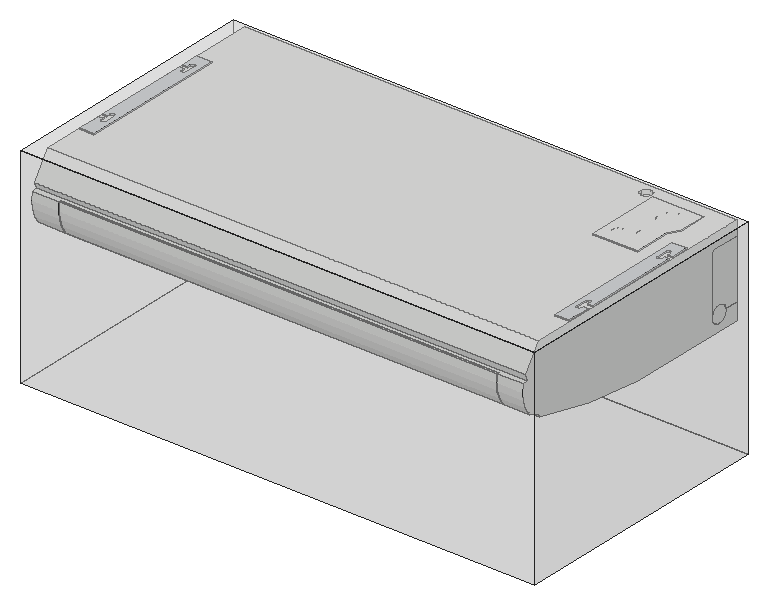
Revit family "outputfile", category 機械設備, Revit 2024
Family settings
  丸型コネクタ寸法 = 半径を使用
  パーツ タイプ = 標準
  OmniClass 番号 = 23.75.10.24.21.27.27
  OmniClass タイトル = Split System Air Conditioning Units
  作業面ベース = いいえ
  常に垂直 = はい
  ロード時にボイドで切り取り = いいえ
  注釈の向きを維持 = いいえ
  共有 = いいえ
  部屋計算ポイント = はい
Parameters (values of type "FHA30CV2S")
  Description = ""
  製造元 = "Daikin"
  書き出し IFC クラス(タイプ) = "IfcUnitaryEquipmentType"
  定義済み IFC タイプ(タイプ) = "AIRCONDITIONINGUNIT"
  Cost = 0
  モデル = "FHA30CV2S"
  Type Comments = ""
  Keynote = ""
  Type Image = (empty or 0)
  Assembly Code = ""
  switch_frequency = yes
  r_Liquid Pipe Size = Liquid Pipe Size / 2  # 4.75 mm
  r_Gas Pipe Size = Gas Pipe Size / 2  # 7.95 mm
  r_Drain Pipe Size = Drain Pipe Size / 2  # 10.0 mm
  l_powersupply [instance] = if(Rear Right Connection_powersupply, 29.0 mm, 175.0 mm)  # 29.0 mm
  h_mountinghole = 2.0 mm  # constant formula
  connector_voltage = Voltage_50Hz  # 220 V
  connector_powerinput = [Power Input (Cooling)]  # 0.000 kW
  connector_phase = Phase_50Hz  # 1
  angle_vertical_powersupply [instance] = if(Rear Right Connection_powersupply, 90.00°, 180.00°)  # 90.00°
  angle_vertical_drainpipe [instance] = if(or(Left Connection_drainpipe, Right Connection_drainpipe), 90.00°, if(Top Connection_drainpipe, 180.00°, -90.00°))  # -90.00°
  angle_horizontal_powersupply [instance] = if(Rear Right Connection_powersupply, 180.00°, 0.00°)  # 180.00°
  angle_horizontal_drainpipe [instance] = if(Right Connection_drainpipe, 90.00°, if(Left Connection_drainpipe, -90.00°, 0.00°))  # 0.00°
  Voltage_comment_50Hz = "220 - 240"
  Voltage_50Hz = 220 V
  URL = ""
  Top Connection_refrigerant [instance] = no
  Top Connection_powersupply [instance] = not(Rear Right Connection_powersupply)  # no
  Right Connection_refrigerant [instance] = no
  Rear Right Connection_refrigerant [instance] = yes
  Phase_50Hz = 1
  Minimum Circuit Amps_50Hz = 0.0 A
  Maximum Fuse Amps_50Hz = 0.0 A
  Material_Casing = DAIKIN_White_Casing_indoorunit
  lw_powersupply [instance] = if(Rear Right Connection_powersupply, 220.0 mm, 210.0 mm)  # 220.0 mm
  lw_mountinghole_pitch = Width - 40.0 mm  # 1230.0 mm
  lw_mountinghole = 20.0 mm  # constant formula
  lw_liquidpipe [instance] = if(Right Connection_refrigerant, 156.0 mm, if(Top Connection_refrigerant, 156.0 mm, 136.0 mm))  # 136.0 mm
  lw_gaspipe = 105.0 mm  # constant formula
  lw_drainpipe [instance] = if(Top Connection_drainpipe, 102.0 mm, if(Width = 960.0 mm, if(or(Left Connection_drainpipe, Rear Left Connection_drainpipe), 884.0 mm, 83.0 mm), if(Width = 1270.0 mm, if(or(Left Connection_drainpipe, Rear Left Connection_drainpipe), 1194.0 mm, 83.0 mm), if(Width = 1590.0 mm, if(or(Left Connection_drainpipe, Rear Left Connection_drainpipe), 1514.0 mm, 83.0 mm), 83.0 mm))))  # 83.0 mm
  lh_powersupply = 175.0 mm  # constant formula
  lh_liquidpipe [instance] = if(Rear Right Connection_refrigerant, 160.0 mm, 131.0 mm)  # 160.0 mm
  lh_gaspipe [instance] = if(Rear Right Connection_refrigerant, 150.0 mm, 91.0 mm)  # 150.0 mm
  lh_drainpipe = 197.0 mm  # constant formula
  l_antena = 1.0 mm  # constant formula
  ld_powersupply = 30.0 mm  # constant formula
  ld_mountinghole_pitch = 260.0 mm  # constant formula
  ld_mountinghole = 210.0 mm  # constant formula
  ld_liquidpipe [instance] = if(Right Connection_refrigerant, 57.0 mm, if(Top Connection_refrigerant, 189.0 mm, 221.0 mm))  # 221.0 mm
  ld_gaspipe [instance] = if(Right Connection_refrigerant, 57.0 mm, if(Top Connection_refrigerant, 163.0 mm, 214.0 mm))  # 214.0 mm
  ld_drainpipe [instance] = if(or(Left Connection_drainpipe, Right Connection_drainpipe), 57.0 mm, if(Top Connection_drainpipe, 87.0 mm, 268.0 mm))  # 268.0 mm
  l_liquidpipe_length [instance] = if(Right Connection_refrigerant, 156.0 mm, if(Top Connection_refrigerant, 131.0 mm, 220.0 mm))  # 220.0 mm
  l_gaspipe_length [instance] = if(Right Connection_refrigerant, 105.0 mm, if(Top Connection_refrigerant, 91.0 mm, 213.0 mm))  # 213.0 mm
  l_drainpipe_length [instance] = if(Right Connection_drainpipe, 83.0 mm, if(Top Connection_drainpipe, 197.0 mm, if(Left Connection_drainpipe, 76.0 mm, 267.0 mm)))  # 267.0 mm
  h*** = 0.0 mm  # constant formula
  angle_vertical [instance] = if(Right Connection_refrigerant, 90.00°, if(Top Connection_refrigerant, 180.00°, -90.00°))  # -90.00°
  angle_horizontal [instance] = if(Right Connection_refrigerant, 90.00°, 0.00°)  # 0.00°
  Width = 1270.0 mm
  Version = "ver.1.0"
  Unit Type = "Ceiling"
  Unit Mass Weight = 32.00 kg
  Unit Designation [instance] = ""
  Uniclass2015Version = "Products v1.30"
  Uniclass2015Title = "Split coil room air conditioning units"
  Uniclass2015Code = "Pr_70_65_03_86"
  Total Cooling Capacity [instance] = 0.000 kW
  Top Connection_drainpipe [instance] = no
  Sound Pressure Level_M speed (dBA) = 36
  Sound Pressure Level_L speed (dBA) = 34
  Sound Pressure Level_H speed (dBA) = 38
  Series = "SkyAir_Fan Coil Unit"
  Sensible Cooling Capacity [instance] = 0.000 kW
  Rear Right Connection_drainpipe [instance] = yes
  Rear Right Connection_powersupply [instance] = yes
  Right Connection_drainpipe [instance] = no
  Refrigerant Type = "R32"
  Power Input (Cooling) = 0.000 kW
  Option Accessory 3 [instance] = ""
  Option Accessory 2 [instance] = ""
  Option Accessory 1 [instance] = ""
  Nominal Cooling Capacity = 8.800 kW
  Minimum Airflow = 840.00 m³/h
  Median Airflow = 1020.00 m³/h
  Maximum Airflow = 1230.00 m³/h
  Load Classification = HVAC
  Liquid Pipe Size = 9.5 mm
  Link_Nested Family [instance] = ""
  Rear Left Connection_drainpipe [instance] = no
  Left Connection_drainpipe [instance] = no
  IfcVersion = ""
  IfcExportType = "AIRCONDITIONINGUNIT"
  IfcExportAs = "IfcUnitaryEquipmentType"
  Height = 235.0 mm
  Heat Exchanger Type = "Cross Fin Coil"
  Gas Pipe Size = 15.9 mm
  Frequency_50Hz = 50 Hz
  Fan Type = "Sirocco Fan"
  Fan Drive = "Direct Drive"
  FCU Tag No. [instance] = ""
  Drain Pipe Size = 20.0 mm
  Design Supply Airflow [instance] = 0.00 m³/h
  Design Outdoor Airflow [instance] = 0.00 m³/h
  Depth = 690.0 mm
  既定の高さ = 0.0 mm
  Cooling Entering Wet Bulb Temperature [instance] = 0.00 °C
  Cooling Entering Dry Bulb Temperature [instance] = 0.00 °C
  Cooling Ambient Wet Bulb Temperature [instance] = 0.00 °C
  Cooling Ambient Dry Bulb Temperature [instance] = 0.00 °C
  Clearance visibility [instance] = yes
  Clearance Top = 5.0 mm
  Clearance Right = 30.0 mm
  Clearance Rear = 0.0 mm
  Clearance Left = 30.0 mm
  Clearance Front = 0.0 mm
  Clearance Bottom = 300.0 mm
Reference planes
  plane 1 "Back": y = 0
  plane 2: z = 0
  plane 3 "Center (Left/Right)": x = 0
  plane 4 "Center (Front/Back)": y = -1
  plane 5 "Front": y = -690
  plane 6 "Left": x = -635
  plane 7 "Right": x = 635
  plane 8 "Top": z = 0
  plane 9 "Bottom": z = -235
  plane 10: y = -690
  plane 11: x = -665
  plane 12: x = 665
  plane 13: z = 5
  plane 14: z = -535
  plane 15: y = 0
  plane 16 "lw_mountinghole": x = -615
  plane 17 "lw_mountinghole2": x = 615
  plane 18 "ld_mountinghole": y = -210
  plane 19 "ld_mountinghole2": y = -470
  plane 20 "lw_gaspipe": x = 530
  plane 21 "ld_gaspipe": y = -214
  plane 22 "lh_gaspipe": z = -150
  plane 23 "lw_liquidpipe": x = 499
  plane 24 "ld_liquidpipe": y = -221
  plane 25 "lh_liquidpipe": z = -160
  plane 26 "ld_drainpipe": y = -268
  plane 27 "lw_drainpipe": x = 552
  plane 28 "lh_drainpipe": z = -197
  plane 29 "lw_powersupply": x = 415
  plane 30 "lh_powersupply": z = -175
  plane 31 "ld_powersupply": y = -30
  plane 32: x = -565.5
  plane 33: x = 565.5
  plane 34: x = -590
  plane 35: x = 590
  plane 36: x = -2
  plane 37: x = 2
Forms (mm)
  Extrusion 1, solid, material "DAIKIN_White_Casing_indoorunit" <- "Material_Casing"
    sketch origin (0, 0, 0) x (0, 1, 0) y (0, 0, 1)
      loop
        line (-639.277, 0) -> (-680.876, -61.699) -> (-675.026, -77.772)
        arc (-675.026, -77.772) -> (-681.815, -78.743) -> (-688.601, -79.732) r 2634.132
        arc (-688.601, -79.732) -> (-687.018, -121.096) -> (-669.159, -158.439) r 102.2
        line (-669.159, -158.439) -> (-639.858, -169.325) -> (-635.895, -178.261)
        arc (-635.895, -178.261) -> (-479.121, -215.759) -> (-319.077, -235) r 1400.997
        line (-319.077, -235) -> (-1, -235) -> (-1, 0) -> (-639.277, 0)
    from -635 to 635
  Extrusion 2, solid, material "DAIKIN_White_Casing_indoorunit" <- "Material_Casing"
    sketch origin (0, 0, 0) x (0, 1, 0) y (0, 0, 1)
      loop
        arc (-688.601, -79.732) -> (-687.018, -121.096) -> (-669.159, -158.439) r 102.2
        line (-669.159, -158.439) -> (-665.589, -154.869)
        arc (-665.589, -154.869) -> (-682.432, -118.783) -> (-683.39, -78.971) r 97.2
        arc (-683.39, -78.971) -> (-685.996, -79.351) -> (-688.601, -79.732) r 2634.132
    from -565.5 to 565.5
  Extrusion 3, void
    sketch origin (0, 0, 0) x (0, 1, 0) y (0, 0, 1)
      loop
        line (-301.098, -235) -> (-21.098, -235) -> (-21.098, -230) -> (-301.098, -230) -> (-301.098, -235)
    from -590 to 590
  Extrusion 4, solid, material "DAIKIN_White_Grille_indoorunit"
    sketch origin (0, 0, 0) x (0, 1, 0) y (0, 0, 1)
      loop
        line (-20.098, -230) -> (-301.098, -230) -> (-301.098, -235) -> (-20.098, -235) -> (-20.098, -230)
    from -590 to -2
  Extrusion 5, solid, material "DAIKIN_White_Casing_indoorunit" <- "Material_Casing"
    sketch origin (0, 0, 0) x (1, 0, 0) y (0, 0, 1)
      loop
        line (442, -63) -> (442, -178) -> (513, -220) -> (576, -220) -> (576, -63) -> (442, -63)
    from 0 to 1
  Extrusion 6, solid, material "DAIKIN_White_Casing_indoorunit" <- "Material_Casing"
    sketch origin (0, 0, 0) x (-1, 0, 0) y (0, -1, 0)
      loop
        line (-447, 35) -> (-447, 230) -> (-563, 230) -> (-563, 135) -> (-578, 105) -> (-578, 35) -> (-447, 35)
    from 0 to 1.9
  Extrusion 7, void
    sketch origin (635, 0, 0) x (0, 1, 0) y (0, 0, 1)
      loop
        arc (-79.5, -195) -> (-55.446, -217.446) -> (-34.715, -191.9) r 22.5
        line (-34.715, -191.9) -> (-1, -191.9) -> (-1, -190.1) -> (-35.04, -190.1)
        arc (-35.04, -190.1) -> (-54.942, -172.594) -> (-77.7, -186.182) r 22.5
        line (-77.7, -186.182) -> (-77.7, -43)
        arc (-77.7, -43) -> (-76.528, -40.172) -> (-73.7, -39) r 4
        line (-73.7, -39) -> (-1, -39) -> (-1, -37.2) -> (-73.7, -37.2)
        arc (-73.7, -37.2) -> (-77.801, -38.899) -> (-79.5, -43) r 5.8
        line (-79.5, -43) -> (-79.5, -195)
      loop
        circle (-57, -195) r 20.7
    from 0 to -10
  Extrusion 8, void
    sketch origin (-1444.026, -1, 1200) x (1, 0, 0) y (0, 0, 1)
      loop
        arc (875.026, -1375) -> (864.42, -1379.393) -> (860.026, -1390) r 15
        line (860.026, -1390) -> (860.026, -1400)
        arc (860.026, -1400) -> (864.42, -1410.607) -> (875.026, -1415) r 15
        line (875.026, -1415) -> (905.026, -1415)
        arc (905.026, -1415) -> (915.633, -1410.607) -> (920.026, -1400) r 15
        line (920.026, -1400) -> (920.026, -1390)
        arc (920.026, -1390) -> (915.633, -1379.393) -> (905.026, -1375) r 15
        line (905.026, -1375) -> (875.026, -1375)
    from 0 to 10
  Extrusion 9, void
    sketch origin (-635, 0, 0) x (0, 1, 0) y (0, 0, 1)
      loop
        circle (-57, -197) r 22.5
    from 0 to 10
  Extrusion 10, void
    sketch origin (-1444.026, -1, 1200) x (1, 0, 0) y (0, 0, 1)
      loop
        circle (1976.026, -1375) r 44
    from 0 to 10
  Extrusion 11, void
    sketch origin (0, 0, 0) x (-1, 0, 0) y (0, -1, 0)
      loop
        circle (-533, 87) r 30
    from 0 to -10
  Extrusion 12, void
    sketch origin (0, 0, 0) x (-1, 0, 0) y (0, -1, 0)
      loop
        circle (-530, 163) r 18
    from 0 to -10
  Extrusion 13, void
    sketch origin (0, 0, 0) x (-1, 0, 0) y (0, -1, 0)
      loop
        circle (-479, 189) r 13
    from 0 to -10
  Extrusion 14, void
    sketch origin (-1444.026, -1, 1200) x (1, 0, 0) y (0, 0, 1)
      loop
        circle (1859.026, -1375) r 14.5
    from 0 to 10
  Extrusion 15, void
    sketch origin (0, 0, 0) x (-1, 0, 0) y (0, -1, 0)
      loop
        circle (-425, 30) r 14.5
    from 0 to -10
  Extrusion 16, void
    sketch origin (635, 0, 0) x (0, 1, 0) y (0, 0, 1)
      loop
        arc (-665.589, -154.869) -> (-682.432, -118.783) -> (-683.39, -78.971) r 97.2
        arc (-683.39, -78.971) -> (-685.996, -79.351) -> (-688.601, -79.732) r 2634.132
        arc (-688.601, -79.732) -> (-687.018, -121.096) -> (-669.159, -158.439) r 102.2
        line (-669.159, -158.439) -> (-665.589, -154.869)
    from -69.5 to -1200.5
  Extrusion 17, solid, material "DAIKIN_White_Casing_indoorunit" <- "Material_Casing"
    sketch origin (-635, 0, 0) x (0, 1, 0) y (0, 0, 1)
      loop
        circle (-57, -197) r 22.5
    from 0 to 10
  Extrusion 18, solid, material "DAIKIN_White_Grille_indoorunit"
    sketch origin (780, 0, 0) x (0, 1, 0) y (0, 0, 1)
      loop
        line (-20.098, -230) -> (-301.098, -230) -> (-301.098, -235) -> (-20.098, -235) -> (-20.098, -230)
    from -782 to -778
  Extrusion 19, solid, material "DAIKIN_White_Grille_indoorunit"
    sketch origin (0, 0, 0) x (0, 1, 0) y (0, 0, -1)
      loop
        line (-20.098, 230) -> (-20.098, 235) -> (-301.098, 235) -> (-301.098, 230) -> (-20.098, 230)
    from -590 to -2
Cuts and joins
  Extrusion 3, Extrusion 7, Extrusion 8, Extrusion 9, Extrusion 10, Extrusion 11, Extrusion 12, Extrusion 13, Extrusion 14, Extrusion 15, Extrusion 16 cuts Extrusion 1
Lines and regions (mm)
  reference lines
    curve 1: line (635, -580.282, -192.75) -> (635, -551.225, -200.21)
Dimensions and locks
  equal spacing: plane 6 "Left", plane 3 "Center (Left/Right)", plane 7 "Right"
  "Width": plane 6 "Left" to plane 7 "Right"
  "Depth": plane 5 "Front" to plane 1 "Back"
  "Height": plane 8 "Top" to plane 9 "Bottom"
  "Clearance Front": plane 10 to plane 5 "Front"
  "Clearance Left": plane 11 to plane 6 "Left"
  "Clearance Right": plane 7 "Right" to plane 12
  "Clearance Top": plane 13 to plane 8 "Top"
  "Clearance Bottom": plane 9 "Bottom" to plane 14
  "Clearance Rear": plane 1 "Back" to plane 15
  locked: plane 4 "Center (Front/Back)" to plane 1 "Back" at 1
  locked: Extrusion 1 sketch curve to Extrusion 1 sketch curve at 235
  locked: Extrusion 1 sketch curve to Extrusion 1 sketch curve at 318.077
  locked: Extrusion 1 sketch curve to Extrusion 1 sketch curve at 1163.297
  locked: Extrusion 1 sketch curve to Extrusion 1 sketch curve at 231.144
  Extrusion 3 sketch curve to Extrusion 3 sketch curve to plane 1 "Back" = 280.0 mm locked, 21.098 mm locked
  "ld_mountinghole": plane 18 "ld_mountinghole" to plane 1 "Back"
  "ld_mountinghole_pitch": plane 18 "ld_mountinghole" to plane 19 "ld_mountinghole2"
  "lw_mountinghole_pitch": plane 16 "lw_mountinghole" to plane 17 "lw_mountinghole2"
  "lw_mountinghole": plane 6 "Left" to plane 16 "lw_mountinghole"
  "lw_gaspipe": plane 20 "lw_gaspipe" to plane 7 "Right"
  "ld_gaspipe": plane 1 "Back" to plane 21 "ld_gaspipe"
  "lw_liquidpipe": plane 23 "lw_liquidpipe" to plane 7 "Right"
  "ld_liquidpipe": plane 1 "Back" to plane 24 "ld_liquidpipe"
  "lw_drainpipe": plane 27 "lw_drainpipe" to plane 7 "Right"
  "ld_drainpipe": plane 26 "ld_drainpipe" to plane 1 "Back"
  plane 8 "Top" to Extrusion 5 sketch curve to Extrusion 5 sketch curve = 63.0 mm locked, 157.0 mm locked
  plane 7 "Right" to Extrusion 5 sketch curve to Extrusion 5 sketch curve = 59.0 mm locked, 134.0 mm locked
  locked: Extrusion 5 sketch curve to Extrusion 5 sketch curve at 115
  locked: Extrusion 5 sketch curve to Extrusion 5 sketch curve at 63
  locked: Extrusion 6 sketch curve to Extrusion 6 sketch curve at 195
  locked: Extrusion 6 sketch curve to Extrusion 6 sketch curve at 116
  locked: Extrusion 6 sketch curve to Extrusion 6 sketch curve at 131
  locked: Extrusion 6 sketch curve to Extrusion 6 sketch curve at 100
  locked: Extrusion 6 sketch curve to plane 1 "Back" at 35
  locked: Extrusion 6 sketch curve to plane 7 "Right" at 57
  locked: Extrusion 8 sketch curve to Extrusion 8 sketch curve at 40
  locked: Extrusion 8 sketch curve to Extrusion 8 sketch curve at 60
  locked: plane 8 "Top" to Extrusion 8 sketch curve at 175
  locked: Extrusion 8 sketch curve to plane 6 "Left" at 51
  locked: plane 7 "Right" to Extrusion 10 sketch curve at 103
  locked: plane 8 "Top" to Extrusion 10 sketch curve at 175
  locked: Extrusion 11 sketch curve to plane 1 "Back" at 87
  locked: Extrusion 11 sketch curve to plane 7 "Right" at 102
  locked: Extrusion 12 sketch curve to plane 1 "Back" at 163
  locked: Extrusion 12 sketch curve to plane 7 "Right" at 105
  locked: Extrusion 13 sketch curve to plane 1 "Back" at 189
  locked: Extrusion 13 sketch curve to plane 7 "Right" at 156
  "lw_powersupply": plane 29 "lw_powersupply" to plane 7 "Right"
  "lh_gaspipe": plane 8 "Top" to plane 22 "lh_gaspipe"
  "lh_liquidpipe": plane 8 "Top" to plane 25 "lh_liquidpipe"
  "lh_powersupply": plane 8 "Top" to plane 30 "lh_powersupply"
  "lh_drainpipe": plane 8 "Top" to plane 28 "lh_drainpipe"
  "ld_powersupply": plane 1 "Back" to plane 31 "ld_powersupply"
  locked: plane 8 "Top" to Extrusion 7 sketch curve at 195
  locked: Extrusion 7 sketch curve to plane 1 "Back" at 57
  locked: plane 9 "Bottom" to Extrusion 7 sketch curve at 43.1
  locked: Extrusion 7 sketch curve to plane 8 "Top" at 39
  locked: Extrusion 7 sketch curve to plane 1 "Back" at 79.5
  locked: Extrusion 9 sketch curve to plane 1 "Back" at 57
  locked: plane 8 "Top" to Extrusion 9 sketch curve at 197
  locked: Extrusion 17 sketch curve to plane 1 "Back" at 57
  locked: plane 8 "Top" to Extrusion 17 sketch curve at 197
  locked: plane 7 "Right" to Extrusion 14 sketch curve at 220
  locked: plane 8 "Top" to Extrusion 14 sketch curve at 175
  locked: Extrusion 15 sketch curve to plane 7 "Right" at 210
  locked: Extrusion 15 sketch curve to plane 1 "Back" at 30
  locked: curve 1 to plane 9 "Bottom" at 34.79
  locked: curve 1 to plane 9 "Bottom" at 42.25
  locked: plane 6 "Left" to plane 32 at 69.5
  locked: plane 33 to plane 7 "Right" at 69.5
  locked: plane 35 to plane 7 "Right" at 45
  locked: plane 6 "Left" to plane 34 at 45
  plane 36 to plane 3 "Center (Left/Right)" to plane 37 = 2.0 mm locked, 2.0 mm locked
  locked: curve 1 to plane 9 "Bottom" (angle 14.40°)
  aligned and locked: level to plane 2
  aligned and locked: nested 1 to plane 11
  aligned and locked: nested 1 to plane 12
  aligned and locked: nested 1 to plane 10
  aligned and locked: plane 13 to nested 1
  aligned and locked: plane 14 to nested 1
  aligned and locked: plane 15 to nested 1
  aligned and locked: Extrusion 1 sketch curve to plane 8 "Top"
  aligned and locked: Extrusion 2 sketch curve to Extrusion 1  (x2)
  aligned and locked: plane 7 "Right" to Extrusion 1
  aligned and locked: Extrusion 1 to plane 6 "Left"
  aligned and locked: cut or joined group 1 (Extrusion 1, Extrusion 3, Extrusion 7, Extrusion 8, Extrusion 9, Extrusion 10, Extrusion 11, Extrusion 12, Extrusion 13, Extrusion 14, Extrusion 15, Extrusion 16) to Extrusion 3 sketch curve
  aligned and locked: cut or joined group 1 to Extrusion 4 sketch curve
  aligned and locked: Extrusion 5 to plane 4 "Center (Front/Back)"
  aligned and locked: Extrusion 7 sketch curve to plane 4 "Center (Front/Back)"
  aligned and locked: Extrusion 16 sketch curve to Extrusion 2  (x4)
  aligned and locked: Extrusion 16 to Extrusion 2  (x2)
  aligned and locked: nested 2 to plane 26 "ld_drainpipe"
  aligned and locked: plane 27 "lw_drainpipe" to nested 2
  aligned and locked: plane 20 "lw_gaspipe" to nested 3
  aligned and locked: nested 3 to plane 21 "ld_gaspipe"
  aligned and locked: plane 23 "lw_liquidpipe" to nested 4
  aligned and locked: nested 4 to plane 24 "ld_liquidpipe"
  aligned and locked: plane 25 "lh_liquidpipe" to nested 4
  aligned and locked: nested 5 to plane 31 "ld_powersupply"
  aligned and locked: plane 29 "lw_powersupply" to nested 5
  aligned and locked: nested 7 to plane 18 "ld_mountinghole"
  aligned and locked: plane 16 "lw_mountinghole" to nested 7
  aligned and locked: nested 6 to plane 19 "ld_mountinghole2"
  aligned and locked: plane 16 "lw_mountinghole" to nested 6
  aligned and locked: nested 9 to plane 18 "ld_mountinghole"
  aligned and locked: plane 17 "lw_mountinghole2" to nested 9
  aligned and locked: plane 17 "lw_mountinghole2" to nested 8
  aligned and locked: nested 8 to plane 19 "ld_mountinghole2"
  aligned and locked: nested 10 to curve 1
  aligned and locked: level to plane 8 "Top"
  aligned and locked: cut or joined group 1 to plane 32
  aligned and locked: plane 33 to cut or joined group 1
  aligned and locked: Extrusion 16 to plane 32
  aligned and locked: plane 33 to Extrusion 16
  aligned and locked: Extrusion 4 to plane 34
  aligned and locked: cut or joined group 1 to plane 34
  aligned and locked: plane 34 to Extrusion 4  (x3)
  aligned and locked: plane 16 "lw_mountinghole" to nested 11
  aligned and locked: plane 17 "lw_mountinghole2" to nested 12
  aligned and locked: plane 36 to Extrusion 4
  aligned and locked: Extrusion 18 to plane 36
  aligned and locked: plane 37 to Extrusion 18
  aligned and locked: Extrusion 19 to plane 37
  aligned and locked: plane 37 to Extrusion 19
  aligned and locked: plane 35 to Extrusion 19
  aligned and locked: plane 35 to Extrusion 3
  aligned and locked: Extrusion 4 to cut or joined group 1
  aligned and locked: cut or joined group 1 to Extrusion 18
  aligned and locked: cut or joined group 1 to Extrusion 19
Automatic sketch dimensions
  Extrusion 1 sketch curve to plane 4 "Center (Front/Back)" = 0.0 mm
  Extrusion 1 sketch curve to plane 5 "Front" = 102.2 mm
  Extrusion 1 sketch curve to plane 30 "lh_powersupply" = 3.261 mm
  Extrusion 1 sketch curve to plane 5 "Front" = 50.723 mm
  plane 30 "lh_powersupply" to Extrusion 1 sketch curve = 5.675 mm
  Extrusion 1 sketch curve to Extrusion 1 sketch curve = 3.963 mm
  plane 25 "lh_liquidpipe" to Extrusion 1 sketch curve = 1.561 mm
  Extrusion 1 sketch curve to plane 5 "Front" = 20.841 mm
  Extrusion 1 sketch curve to plane 5 "Front" = 14.974 mm
  Extrusion 1 sketch curve to plane 5 "Front" = 9.124 mm
  Extrusion 1 sketch curve to plane 26 "ld_drainpipe" = 37.278 mm
  Extrusion 1 sketch curve to plane 14 = 2150.825 mm
  plane 22 "lh_gaspipe" to Extrusion 1 sketch curve = 53.413 mm
  Extrusion 1 sketch curve to level = 77.772 mm
  Extrusion 1 sketch curve to Extrusion 1 sketch curve = 16.072 mm
  Extrusion 2 sketch curve to Extrusion 2 sketch curve = 0.0 mm  (x2)
  plane 25 "lh_liquidpipe" to Extrusion 2 sketch curve = 1.561 mm
  Extrusion 2 sketch curve to plane 22 "lh_gaspipe" = 4.869 mm
  Extrusion 2 sketch curve to Extrusion 2 sketch curve = 3.57 mm
  Extrusion 3 sketch curve to Extrusion 3 sketch curve = 5.0 mm
  plane 31 "ld_powersupply" to Extrusion 4 sketch curve = 9.902 mm
  Extrusion 4 sketch curve to Extrusion 4 sketch curve = 5.0 mm
  Extrusion 6 sketch curve to Extrusion 6 sketch curve = 30.0 mm
  Extrusion 7 sketch curve to Extrusion 7 sketch curve = 0.0 mm  (x6)
  Extrusion 7 sketch curve to plane 4 "Center (Front/Back)" = 0.0 mm  (x2)
  Extrusion 7 sketch curve to Extrusion 7 sketch curve = 1.8 mm  (x2)
  Extrusion 7 sketch curve to Extrusion 7 sketch curve = 4.0 mm
  Extrusion 7 sketch curve to Extrusion 7 sketch curve = 0.325 mm
  Extrusion 8 sketch curve to plane 32 = 3.5 mm  (x2)
  Extrusion 8 sketch curve to plane 28 "lh_drainpipe" = 3.0 mm
  Extrusion 8 sketch curve to Extrusion 8 sketch curve = 15.0 mm
  curve 1 to plane 5 "Front" = 109.718 mm
  Extrusion 18 sketch curve to plane 9 "Bottom" = 0.0 mm
  plane 9 "Bottom" to Extrusion 18 sketch curve = 5.0 mm
  Extrusion 18 sketch curve to plane 26 "ld_drainpipe" = 33.098 mm
  plane 31 "ld_powersupply" to Extrusion 18 sketch curve = 9.902 mm
  Extrusion 19 sketch curve to plane 9 "Bottom" = 0.0 mm
  plane 9 "Bottom" to Extrusion 19 sketch curve = 5.0 mm
  Extrusion 19 sketch curve to plane 26 "ld_drainpipe" = 33.098 mm
  plane 31 "ld_powersupply" to Extrusion 19 sketch curve = 9.902 mm
  Extrusion 4 sketch curve to plane 26 "ld_drainpipe" = 33.098 mm
  radius of Extrusion 7 sketch curve = 20.7 mm
  radius of Extrusion 9 sketch curve = 22.5 mm
  radius of Extrusion 10 sketch curve = 44.0 mm
  radius of Extrusion 11 sketch curve = 30.0 mm
  radius of Extrusion 12 sketch curve = 18.0 mm
  radius of Extrusion 13 sketch curve = 13.0 mm
  radius of Extrusion 14 sketch curve = 14.5 mm
  radius of Extrusion 15 sketch curve = 14.5 mm
  radius of Extrusion 17 sketch curve = 22.5 mm
Nested families
  nested 1: "daikin_clearancespace" at (0, -345, -264.881), visible <- "Clearance visibility", show <- "Clearance visibility", Link_Nested Family <- "Link_Nested Family", type "daikin_clearancespace"
    with width 1330.0 mm, show yes, height 540.0 mm, depth 690.0 mm, Link_Nested Family ""
  nested 2: "daikin_connector_rotate3" at (552, -268, -197), radius <- "r_Drain Pipe Size", angle_vertical <- "angle_vertical_drainpipe", angle_horizontal <- "angle_horizontal_drainpipe", length <- "l_drainpipe_length", type "daikin_connector_rotate3"
    with show no, radius 10.0 mm, length 267.0 mm, angle_vertical -90.00°, angle_horizontal 0.00°
  nested 3: "daikin_connector_rotate3" at (530, -214, -150), radius <- "r_Gas Pipe Size", angle_vertical <- "angle_vertical", angle_horizontal <- "angle_horizontal", length <- "l_gaspipe_length", type "daikin_connector_rotate3"
    with show no, radius 7.95 mm, length 213.0 mm, angle_vertical -90.00°, angle_horizontal 0.00°
  nested 4: "daikin_connector_rotate3" at (499, -221, -160), radius <- "r_Liquid Pipe Size", angle_vertical <- "angle_vertical", angle_horizontal <- "angle_horizontal", length <- "l_liquidpipe_length", type "daikin_connector_rotate3"
    with show no, radius 4.75 mm, length 220.0 mm, angle_vertical -90.00°, angle_horizontal 0.00°
  nested 5: "daikin_connector_rotate3" at (415, -30, -175), length <- "l_powersupply", angle_vertical <- "angle_vertical_powersupply", angle_horizontal <- "angle_horizontal_powersupply", type "daikin_connector_rotate3"
    with show no, radius 10.0 mm, length 29.0 mm, angle_vertical 90.00°, angle_horizontal 180.00°
  nested 6: "daikin_mountinghole" at (-615, -470, 0), l_antenna <- "l_antena", Link_Nested Family <- "Link_Nested Family", h_mountinghole <- "h_mountinghole", type "daikin_mountinghole"
    with show yes, l_antenna 1.0 mm, h_mountinghole 2.0 mm, Link_Nested Family ""
  nested 7: "daikin_mountinghole" at (-615, -210, 0), l_antenna <- "l_antena", Link_Nested Family <- "Link_Nested Family", h_mountinghole <- "h_mountinghole", type "daikin_mountinghole"
    with show yes, l_antenna 1.0 mm, h_mountinghole 2.0 mm, Link_Nested Family ""
  nested 8: "daikin_mountinghole" at (615, -470, 0), l_antenna <- "l_antena", Link_Nested Family <- "Link_Nested Family", h_mountinghole <- "h_mountinghole", type "daikin_mountinghole"
    with show yes, l_antenna 1.0 mm, h_mountinghole 2.0 mm, Link_Nested Family ""
  nested 9: "daikin_mountinghole" at (615, -210, 0), Link_Nested Family <- "Link_Nested Family", l_antenna <- "l_antena", h_mountinghole <- "h_mountinghole", type "daikin_mountinghole"
    with show yes, l_antenna 1.0 mm, h_mountinghole 2.0 mm, Link_Nested Family ""
  nested 10: "daikin_logo_plane_w40" at (487.963, -559.801, -198.008) x (1, 0, 0) z (0, -0.2487, -0.9686), type "daikin_logo_plane_w40"
    with show_logo yes
  nested 11: "daikin_hangerfixture_FHA-CV2S" at (-615, 0, 0), type "daikin_hangerfixture_FHA-CV2S"
    with width 38.0 mm, height 2.0 mm, depth 380.0 mm
  nested 12: "daikin_hangerfixture_FHA-CV2S" at (615, 0, 0) x (-1, 0, 0) z (0, 0, 1), type "daikin_hangerfixture_FHA-CV2S"
    with width 38.0 mm, height 2.0 mm, depth 380.0 mm
Connectors
  piping at (552, -1, -197), diameter 20, driven by "r_Drain Pipe Size"
    settings: on nested 2, index 1, connector inside diameter 609.6 mm, connector length 0.0 mm, flow factor 0, pipe flow 0.00 m³/h, pressure drop 0.0 Pa, fitting loss kfactor 0, connector angle 0.00°, fixture units 0, engagement length 0.0 mm, angle of deflection 0.00°, flow configuration 1, flow direction 2, fitting loss method 4, system type 16, joint type 0, gender type 0, connector reference index -1, connector utility 0, adjustable connector no, is connector primary yes, connector description "Condensate Drain Piping"
  piping at (530, -1, -150), diameter 15.9, driven by "r_Gas Pipe Size"
    settings: on nested 3, index 3, connector inside diameter 609.6 mm, connector length 0.0 mm, flow factor 0, pipe flow 0.00 m³/h, pressure drop 0.0 Pa, fitting loss kfactor 0, connector angle 0.00°, fixture units 0, engagement length 0.0 mm, angle of deflection 0.00°, flow configuration 1, flow direction 2, fitting loss method 0, system type 29, joint type 0, gender type 0, connector reference index -1, connector utility 0, adjustable connector no, is connector primary no, connector description "Refrigerant Gas Piping"
  piping at (499, -1, -160), diameter 9.5, driven by "r_Liquid Pipe Size"
    settings: on nested 4, index 4, connector inside diameter 609.6 mm, connector length 0.0 mm, flow factor 0, pipe flow 0.00 m³/h, pressure drop 0.0 Pa, fitting loss kfactor 0, connector angle 0.00°, fixture units 0, engagement length 0.0 mm, angle of deflection 0.00°, flow configuration 1, flow direction 1, fitting loss method 0, system type 29, joint type 0, gender type 0, connector reference index -1, connector utility 0, adjustable connector no, is connector primary no, connector description "Refrigerant Liquid Piping"
  electrical at (415, -1, -175), driven by "Load Classification", driven by "connector_powerinput", driven by "connector_phase", driven by "connector_voltage"
    settings: on nested 5, index 6, voltage 220 V, apparent load 0 VA, apparent load phase1 0 VA, apparent load phase2 0 VA, apparent load phase3 0 VA, power factor 1, load classification "HVAC", number of poles 1, system type 30, power factor state 1, is connector primary yes, connector utility no, sub classification motor no, connector description "Power Supply"
Definition of nested family "daikin_clearancespace"
  Parameters (values of type "daikin_clearancespace")
    Description = "daikin_clearancespace"
    width [instance] = 1823.963 mm
    show [instance] = yes
    material = none
    height [instance] = 1359.762 mm
    depth [instance] = 880.0 mm
    Default Elevation = 0.0 mm
    Link_Nested Family [instance] = ""
  Reference planes
    plane 1 "Center (Front/Back)": y = 0
    plane 2 "Center (Elevation)": z = -0.119
    plane 3 "Center (Left/Right)": x = 0
    plane 4: y = 440
    plane 5: y = -440
    plane 6 "Right": x = 911.982
    plane 7 "Left": x = -911.982
    plane 8 "Top": z = 679.762
    plane 9 "Bottom": z = -680
  Forms (mm)
    Extrusion 1, solid, material <- "material", visible <- "show"
      sketch origin (0, 0, 0) x (1, 0, 0) y (0, 1, 0)
        loop
          line (-911.982, 440) -> (-911.982, -440) -> (911.982, -440) -> (911.982, 440) -> (-911.982, 440)
      from -680 to 679.762
  Lines and regions (mm)
    symbolic lines, visible <- "show"
      curve 1: line (911.982, 440, 0) -> (-911.982, 440, 0)
      curve 2: line (-911.982, 440, 0) -> (-911.982, -440, 0)
      curve 3: line (-911.982, -440, 0) -> (911.982, -440, 0)
      curve 4: line (911.982, -440, 0) -> (911.982, 440, 0)
      curve 5: line (911.982, 0, 679.762) -> (-911.982, 0, 679.762)
      curve 6: line (911.982, 0, -680) -> (911.982, 0, 679.762)
      curve 7: line (-911.982, 0, -680) -> (911.982, 0, -680)
      curve 8: line (-911.982, 0, 679.762) -> (-911.982, 0, -680)
      curve 9: line (0, 440, 679.762) -> (0, -440, 679.762)
      curve 10: line (0, -440, 679.762) -> (0, -440, -680)
      curve 11: line (0, 440, -680) -> (0, 440, 679.762)
      curve 12: line (0, -440, -680) -> (0, 440, -680)
  Dimensions and locks
    "width": plane 7 "Left" to plane 6 "Right"
    "depth": plane 4 to plane 5
    "height": plane 8 "Top" to plane 9 "Bottom"
    equal spacing: plane 7 "Left", plane 3 "Center (Left/Right)", plane 6 "Right"
    equal spacing: plane 4, plane 1 "Center (Front/Back)", plane 5
    equal spacing: plane 8 "Top", plane 2 "Center (Elevation)", plane 9 "Bottom"
    aligned and locked: level to plane 2 "Center (Elevation)"
    aligned and locked: Extrusion 1 sketch curve to plane 4
    aligned and locked: plane 7 "Left" to Extrusion 1 sketch curve
    aligned and locked: Extrusion 1 sketch curve to plane 5
    aligned and locked: Extrusion 1 sketch curve to plane 6 "Right"
    aligned and locked: plane 8 "Top" to Extrusion 1
    aligned and locked: curve 1 to Extrusion 1
    aligned and locked: curve 2 to Extrusion 1
    aligned and locked: curve 3 to Extrusion 1
    aligned and locked: curve 4 to Extrusion 1
    aligned and locked: curve 5 to Extrusion 1
    aligned and locked: curve 6 to Extrusion 1
    aligned and locked: curve 7 to Extrusion 1
    aligned and locked: curve 8 to Extrusion 1
    aligned and locked: curve 9 to Extrusion 1
    aligned and locked: curve 10 to Extrusion 1
    aligned and locked: curve 11 to Extrusion 1
    aligned and locked: curve 12 to Extrusion 1
    aligned and locked: Extrusion 1 to plane 9 "Bottom"
Definition of nested family "daikin_logo_plane_w40"
  Parameters (values of type "daikin_logo_plane_w40")
    width = 40.0 mm
    show_logo [instance] = yes
    material = none
    height = 0.0 mm
    depth = 0.0 mm
    Default Elevation = 1219.2 mm
  Reference planes
    plane 1 "Center (Front/Back)": y = 0
    plane 2: z = 0
    plane 3 "Center (Left/Right)": x = 0
    plane 4: z = 2
    plane 5 "left": x = -19
    plane 6: x = 19
  Forms (mm)
    Extrusion 1, solid, visible <- "show_logo"
      sketch origin (-19, 0, 0) x (1, 0, 0) y (0, 1, 0)
        loop
          line (8.902, -1.878) -> (7.789, -6.332) -> (11.13, -6.332)
          arc (11.13, -6.332) -> (12.454, -6.064) -> (13.472, -5.176) r 2.642
          arc (13.472, -5.176) -> (13.92, -4.02) -> (13.767, -2.79) r 2.537
          arc (13.767, -2.79) -> (13.452, -2.342) -> (12.982, -2.06) r 1.321
          arc (12.982, -2.06) -> (12.063, -1.902) -> (11.13, -1.878) r 6.479
          line (11.13, -1.878) -> (8.902, -1.878)
        loop
          line (10.016, -5.441) -> (10.907, -5.441)
          arc (10.907, -5.441) -> (11.591, -4.983) -> (11.988, -4.261) r 1.742
          spline (11.988, -4.261) -> (12.01, -4.155) -> (12.027, -4.03) -> (12.037, -3.893) -> (12.037, -3.747) -> (12.026, -3.598) -> (12.002, -3.451) -> (11.962, -3.31) -> (11.905, -3.181) -> (11.829, -3.069) -> (11.731, -2.978) -> (11.61, -2.913) -> (11.464, -2.88)
          line (11.464, -2.88) -> (10.573, -2.88) -> (10.016, -5.441)
        loop
          line (13.58, -6.332) -> (14.805, -6.332) -> (15.223, -5.553) -> (16.977, -5.553) -> (17.144, -6.332) -> (19.149, -6.332) -> (18.258, -1.878) -> (16.03, -1.878) -> (13.58, -6.332)
        loop
          line (16.476, -3.214) -> (15.76, -4.551) -> (16.762, -4.551) -> (16.476, -3.214)
        loop
          line (19.705, -6.332) -> (21.599, -6.332) -> (22.712, -1.878) -> (20.819, -1.878) -> (19.705, -6.332)
        loop
          line (22.712, -6.332) -> (24.606, -6.332) -> (24.908, -5.122) -> (25.831, -6.332) -> (28.17, -6.332) -> (26.388, -3.994) -> (28.949, -1.878) -> (26.945, -1.878) -> (25.401, -3.153) -> (25.719, -1.878) -> (23.826, -1.878) -> (22.712, -6.332)
        loop
          line (29.84, -1.878) -> (28.615, -6.332) -> (30.62, -6.332) -> (31.734, -1.878) -> (29.84, -1.878)
        loop
          line (31.734, -6.332) -> (33.07, -6.332) -> (33.7, -3.814) -> (34.518, -6.332) -> (36.745, -6.332) -> (37.859, -1.878) -> (36.523, -1.878) -> (35.845, -4.589) -> (34.963, -1.878) -> (32.847, -1.878) -> (31.734, -6.332)
      from 0 to 2
    Extrusion 2, solid, visible <- "show_logo"
      sketch origin (-19, 0, 0) x (1, 0, 0) y (0, 1, 0)
        loop
          line (8.7, 0) -> (4.235, 0) -> (0, -3.879) -> (0, -8) -> (8.7, 0)
      from 0 to 2
    Extrusion 3, solid, visible <- "show_logo"
      sketch origin (-19, 0, 0) x (1, 0, 0) y (0, 1, 0)
        loop
          line (0, 0) -> (0, -3.879) -> (4.235, 0) -> (0, 0)
      from 0 to 2
  Dimensions and locks
    plane 4 to plane 2 = 2.0 mm
    equal spacing: plane 5 "left", plane 3 "Center (Left/Right)", plane 6
    locked: plane 5 "left" to plane 6 at 38
    aligned and locked: level to plane 2
    aligned and locked: Extrusion 3 to plane 1 "Center (Front/Back)"  (x2)
    aligned and locked: Extrusion 2 to plane 1 "Center (Front/Back)"  (x2)
    aligned and locked: plane 4 to Extrusion 1
    aligned and locked: plane 4 to Extrusion 3
    aligned and locked: plane 4 to Extrusion 2
    aligned and locked: Extrusion 3 to plane 5 "left"
    aligned and locked: Extrusion 2 to plane 5 "left"
  Automatic sketch dimensions
    Extrusion 1 sketch curve to Extrusion 1 sketch curve = 0.901 mm
    Extrusion 1 sketch curve to Extrusion 1 sketch curve = 1.559 mm
    Extrusion 1 sketch curve to Extrusion 1 sketch curve = 1.327 mm
    Extrusion 1 sketch curve to Extrusion 1 sketch curve = 2.145 mm
    Extrusion 1 sketch curve to Extrusion 1 sketch curve = 1.448 mm
    Extrusion 1 sketch curve to Extrusion 1 sketch curve = 2.116 mm
    Extrusion 1 sketch curve to Extrusion 1 sketch curve = 1.114 mm  (x4)
    Extrusion 1 sketch curve to Extrusion 1 sketch curve = 1.336 mm  (x2)
    plane 1 "Center (Front/Back)" to Extrusion 1 sketch curve = 1.878 mm  (x5)
    Extrusion 1 sketch curve to Extrusion 1 sketch curve = 1.893 mm  (x5)
    Extrusion 1 sketch curve to Extrusion 1 sketch curve = 0.891 mm  (x4)
    Extrusion 1 sketch curve to Extrusion 1 sketch curve = 2.005 mm  (x3)
    Extrusion 1 sketch curve to Extrusion 1 sketch curve = 0.445 mm  (x2)
    plane 1 "Center (Front/Back)" to Extrusion 1 sketch curve = 3.994 mm
    Extrusion 1 sketch curve to Extrusion 1 sketch curve = 0.557 mm  (x2)
    Extrusion 1 sketch curve to Extrusion 1 sketch curve = 2.339 mm  (x2)
    Extrusion 1 sketch curve to Extrusion 1 sketch curve = 1.225 mm  (x3)
    plane 1 "Center (Front/Back)" to Extrusion 1 sketch curve = 3.153 mm
    Extrusion 1 sketch curve to Extrusion 1 sketch curve = 0.987 mm
    plane 1 "Center (Front/Back)" to Extrusion 1 sketch curve = 5.122 mm
    Extrusion 1 sketch curve to Extrusion 1 sketch curve = 0.922 mm
    plane 1 "Center (Front/Back)" to Extrusion 1 sketch curve = 6.332 mm
    Extrusion 1 sketch curve to Extrusion 1 sketch curve = 2.562 mm
    plane 1 "Center (Front/Back)" to Extrusion 1 sketch curve = 5.553 mm
    Extrusion 1 sketch curve to Extrusion 1 sketch curve = 0.167 mm
    Extrusion 1 sketch curve to Extrusion 1 sketch curve = 0.215 mm
    plane 1 "Center (Front/Back)" to Extrusion 1 sketch curve = 3.214 mm
    Extrusion 1 sketch curve to Extrusion 1 sketch curve = 0.286 mm
    plane 1 "Center (Front/Back)" to Extrusion 1 sketch curve = 4.551 mm
    Extrusion 1 sketch curve to Extrusion 1 sketch curve = 1.002 mm
    Extrusion 1 sketch curve to Extrusion 1 sketch curve = 0.537 mm
    Extrusion 1 sketch curve to Extrusion 1 sketch curve = 0.418 mm
    Extrusion 1 sketch curve to Extrusion 1 sketch curve = 1.028 mm
    plane 1 "Center (Front/Back)" to Extrusion 1 sketch curve = 4.261 mm
    Extrusion 1 sketch curve to Extrusion 1 sketch curve = 0.563 mm
    plane 1 "Center (Front/Back)" to Extrusion 1 sketch curve = 2.88 mm
    Extrusion 1 sketch curve to Extrusion 1 sketch curve = 1.088 mm
    Extrusion 1 sketch curve to Extrusion 1 sketch curve = 2.152 mm
    Extrusion 1 sketch curve to Extrusion 1 sketch curve = 0.586 mm
    Extrusion 1 sketch curve to Extrusion 1 sketch curve = 0.118 mm
    Extrusion 1 sketch curve to Extrusion 1 sketch curve = 0.298 mm
    Extrusion 1 sketch curve to Extrusion 1 sketch curve = 0.334 mm
    Extrusion 1 sketch curve to Extrusion 1 sketch curve = 0.223 mm
    Extrusion 1 sketch curve to Extrusion 1 sketch curve = 0.266 mm
    Extrusion 1 sketch curve to Extrusion 1 sketch curve = 1.671 mm
    Extrusion 1 sketch curve to Extrusion 1 sketch curve = 2.227 mm
    Extrusion 1 sketch curve to Extrusion 1 sketch curve = 0.0 mm  (x7)
    Extrusion 1 sketch curve to Extrusion 1 sketch curve = 3.453 mm
    Extrusion 1 sketch curve to Extrusion 1 sketch curve = 2.017 mm
    Extrusion 1 sketch curve to Extrusion 1 sketch curve = 0.78 mm  (x2)
    Extrusion 1 sketch curve to Extrusion 1 sketch curve = 1.743 mm
    Extrusion 1 sketch curve to Extrusion 1 sketch curve = 0.775 mm
    Extrusion 1 sketch curve to Extrusion 1 sketch curve = 0.552 mm
    Extrusion 1 sketch curve to Extrusion 1 sketch curve = 0.014 mm
    Extrusion 1 sketch curve to Extrusion 1 sketch curve = 0.952 mm
    Extrusion 1 sketch curve to Extrusion 1 sketch curve = 1.215 mm
    Extrusion 1 sketch curve to Extrusion 1 sketch curve = 0.108 mm
    plane 1 "Center (Front/Back)" to Extrusion 2 sketch curve = 0.0 mm
    Extrusion 2 sketch curve to plane 3 "Center (Left/Right)" = 19.0 mm
    Extrusion 2 sketch curve to plane 3 "Center (Left/Right)" = 14.765 mm
    Extrusion 2 sketch curve to Extrusion 2 sketch curve = 4.465 mm
    plane 1 "Center (Front/Back)" to Extrusion 2 sketch curve = 3.879 mm
    Extrusion 2 sketch curve to Extrusion 2 sketch curve = 4.12 mm
    plane 1 "Center (Front/Back)" to Extrusion 3 sketch curve = 0.0 mm
    Extrusion 3 sketch curve to plane 3 "Center (Left/Right)" = 19.0 mm
    Extrusion 3 sketch curve to plane 3 "Center (Left/Right)" = 14.765 mm
    plane 1 "Center (Front/Back)" to Extrusion 3 sketch curve = 3.879 mm
    Extrusion 1 sketch curve to plane 3 "Center (Left/Right)" = 11.211 mm
    Extrusion 1 sketch curve to Extrusion 1 sketch curve = 1.782 mm
Definition of nested family "daikin_hangerfixture_FHA-CV2S"
  Parameters (values of type "daikin_hangerfixture_FHA-CV2S")
    width = 44.0 mm
    material = none
    height = 155.0 mm
    depth = 33.0 mm
    Default Elevation = 0.0 mm
  Reference planes
    plane 1 "Center (Front/Back)": y = 0
    plane 2: z = 0
    plane 3 "Center (Left/Right)": x = 0
    plane 4: z = -2.3
    plane 5: z = -155
    plane 6: z = -12
  Forms (mm)
    Extrusion 1, solid
      sketch origin (0, 0, 0) x (1, 0, 0) y (0, 1, 0)
        loop
          line (20, -159) -> (-18, -159) -> (-18, -204) -> (-6, -204) -> (-6, -196)
          arc (-6, -196) -> (0, -190) -> (6, -196) r 6
          line (6, -196) -> (6, -224)
          arc (6, -224) -> (0, -230) -> (-6, -224) r 6
          line (-6, -224) -> (-6, -216) -> (-18, -216) -> (-18, -464) -> (-6, -464) -> (-6, -456)
          arc (-6, -456) -> (0, -450) -> (6, -456) r 6
          line (6, -456) -> (6, -484)
          arc (6, -484) -> (0, -490) -> (-6, -484) r 6
          line (-6, -484) -> (-6, -476) -> (-18, -476) -> (-18, -539) -> (20, -539) -> (20, -159)
      from 0 to 2
  Dimensions and locks
    plane 2 to plane 4 = 2.3 mm
    "height": plane 2 to plane 5
    locked: plane 2 to plane 6 at 12
    aligned and locked: level to plane 2
  Automatic sketch dimensions
    plane 3 "Center (Left/Right)" to Extrusion 1 sketch curve = 20.0 mm
    plane 1 "Center (Front/Back)" to Extrusion 1 sketch curve = 159.0 mm
    Extrusion 1 sketch curve to plane 3 "Center (Left/Right)" = 18.0 mm
    Extrusion 1 sketch curve to Extrusion 1 sketch curve = 380.0 mm
    Extrusion 1 sketch curve to Extrusion 1 sketch curve = 63.0 mm
    Extrusion 1 sketch curve to plane 3 "Center (Left/Right)" = 0.0 mm  (x4)
    plane 3 "Center (Left/Right)" to Extrusion 1 sketch curve = 6.0 mm
    Extrusion 1 sketch curve to Extrusion 1 sketch curve = 8.0 mm  (x4)
    Extrusion 1 sketch curve to Extrusion 1 sketch curve = 20.0 mm  (x2)
    Extrusion 1 sketch curve to Extrusion 1 sketch curve = 0.0 mm  (x2)
    Extrusion 1 sketch curve to Extrusion 1 sketch curve = 57.0 mm
    Extrusion 1 sketch curve to plane 3 "Center (Left/Right)" = 6.0 mm
Definition of nested family "daikin_connector_rotate3"
  Parameters (values of type "daikin_connector_rotate3")
    show [instance] = yes
    radius [instance] = 10.0 mm
    length [instance] = 600.0 mm
    angle_horizontal [instance] = 60.00°
    angle_vertical [instance] = 90.00°
    Default Elevation = 1219.2 mm
  Reference planes
    plane 1 "Center (Front/Back)": y = 0
    plane 2: z = 0
    plane 3 "Center (Left/Right)": x = 0
  Dimensions and locks
    "angle_horizontal": angle plane 3 "Center (Left/Right)" to nested 1
    aligned and locked: level to plane 2
    aligned and locked: plane 1 "Center (Front/Back)" to nested 1  (x2)
    aligned and locked: plane 3 "Center (Left/Right)" to nested 1
  Nested families
    nested 1: "daikin_connector_rotate2" at (0, 0, 0) x (0.5, 0.866, 0) z (0, 0, 1), angle_vertical <- "angle_vertical", length <- "length", radius <- "radius", type "daikin_connector_rotate2"
      with radius 10.0 mm, length 600.0 mm, angle_vertical 90.00°
  Definition of nested family "daikin_connector_rotate2"
    Parameters (values of type "daikin_connector_rotate2")
      show_face = yes
      radius [instance] = 10.0 mm
      length [instance] = 600.0 mm
      d_surface = 10.0 mm
      angle_vertical [instance] = 90.00°
      Default Elevation = 0.0 mm
    Reference planes
      plane 1 "Center (Front/Back)": y = 0
      plane 2: z = 0
      plane 3 "Center (Left/Right)": x = 0
    Forms (mm)
      Extrusion 1, solid, visible <- "show_face"
        sketch origin (0, -600, 0) x (1, 0, 0) y (0, 0, 1)
          loop
            circle (0, 0) r 10
        from 0 to -10
    Lines and regions (mm)
      reference lines
        curve 1: line (0, 0, 0) -> (0, -600, 0)
      symbolic lines
        curve 2: circle (0, 0, 0) r 5 normal (0, 0, 1)
      model lines, visible <- "show_face"
        curve 3: line (0, 0, 0) -> (0, -600, 0)
    Dimensions and locks
      "length": curve 1 to curve 1
      "length": curve 3 to curve 3
      "d_surface": Extrusion 1 to Extrusion 1
      "radius": radius of Extrusion 1 sketch curve
      "angle_vertical": angle curve 1 to plane 1 "Center (Front/Back)"
      "angle_vertical": angle curve 3 to plane 1 "Center (Front/Back)"
      aligned and locked: level to plane 2
      aligned and locked: plane 1 "Center (Front/Back)" to curve 1
      aligned and locked: plane 2 to curve 1
      aligned and locked: plane 1 "Center (Front/Back)" to curve 2
      aligned and locked: plane 3 "Center (Left/Right)" to curve 2
      aligned and locked: plane 1 "Center (Front/Back)" to curve 3
      aligned and locked: plane 2 to curve 3
      aligned and locked: Extrusion 1 to Extrusion 1
    Automatic sketch dimensions
      Extrusion 1 sketch curve to level = 0.0 mm
      Extrusion 1 sketch curve to plane 3 "Center (Left/Right)" = 0.0 mm
      radius of curve 2 = 5.0 mm
Definition of nested family "daikin_mountinghole"
  Parameters (values of type "daikin_mountinghole")
    Default Elevation = 1219.2 mm
    Type Comments = "mountinghole"
    show [instance] = yes
    material = none
    l_centerline = 100.0 mm
    l_antenna [instance] = 100.0 mm
    h_mountinghole [instance] = 0.0 mm
    d_circle = 30.0 mm
    Link_Nested Family [instance] = ""
  Reference planes
    plane 1 "Center (Front/Back)": y = 0
    plane 2: z = 0
    plane 3 "Center (Left/Right)": x = 0
    plane 4: y = 50
    plane 5: x = -50
    plane 6: x = 50
    plane 7: y = -50
    plane 8 "h_mountinghole": z = 0
    plane 9: z = 100
  Lines and regions (mm)
    model lines, detail levels fine
      curve 1: circle (0, 0, 0) r 15 normal (0, 0, 1)
      curve 2: line (-50, 0, 0) -> (50, 0, 0)
      curve 3: line (0, 50, 0) -> (0, -50, 0)
    symbolic lines, detail levels fine
      curve 4: circle (0, 0, 0) r 15 normal (0, 0, 1)
      curve 5: line (-50, 0, 0) -> (50, 0, 0)
      curve 6: line (0, 50, 0) -> (0, -50, 0)
    model lines
      curve 7: line (0, 0, 100) -> (0, 0, 0)
  Dimensions and locks
    equal spacing: plane 4, plane 1 "Center (Front/Back)", plane 7
    "l_centerline": plane 4 to plane 7
    equal spacing: plane 5, plane 3 "Center (Left/Right)", plane 6
    "l_centerline": plane 5 to plane 6
    "l_antenna": plane 9 to plane 8 "h_mountinghole"
    "h_mountinghole": plane 8 "h_mountinghole" to plane 2
    "d_circle": diameter of curve 1
    "d_circle": diameter of curve 4
    aligned and locked: level to plane 2
    aligned and locked: plane 1 "Center (Front/Back)" to curve 1
    aligned and locked: plane 3 "Center (Left/Right)" to curve 1
    aligned and locked: plane 1 "Center (Front/Back)" to curve 2
    aligned and locked: curve 3 to plane 3 "Center (Left/Right)"
    aligned and locked: plane 6 to curve 2
    aligned and locked: plane 5 to curve 2
    aligned and locked: plane 4 to curve 3
    aligned and locked: plane 7 to curve 3
    aligned and locked: plane 1 "Center (Front/Back)" to curve 4
    aligned and locked: plane 3 "Center (Left/Right)" to curve 4
    aligned and locked: plane 6 to curve 5
    aligned and locked: plane 5 to curve 5
    aligned and locked: plane 1 "Center (Front/Back)" to curve 5
    aligned and locked: plane 4 to curve 6
    aligned and locked: plane 7 to curve 6
    aligned and locked: curve 6 to plane 3 "Center (Left/Right)"
    aligned and locked: curve 7 to plane 3 "Center (Left/Right)"
    aligned and locked: plane 9 to curve 7
    aligned and locked: plane 8 "h_mountinghole" to curve 7
